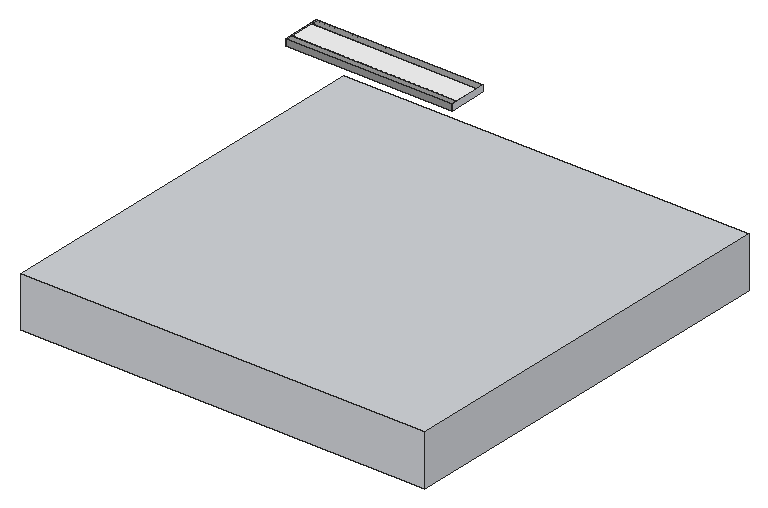
Revit family "en-halla-lumia-accessories-suspendedrfa", category Специальное оборудование, Revit 2017
Family settings
  Основа = Грань
  Размер круглого соединителя = Использовать диаметр
  Тип детали = Нормальный
  Номер OmniClass = 23.80.70.11.11
  Заголовок OmniClass = General Luminaries, Non Directional
  При загрузке вырезать с полостями = Нет
  Общий = Нет
  Точка расчета площади = Нет
Parameters (values of type "10-0011, E - body profile")
  X = no
  Výška zavěšení maximální = 2000 mm  # constant formula
  Výška zavěšení finální [instance] = if(Suspension height > Výška zavěšení maximální, Výška zavěšení maximální, Suspension height)  # 1000 mm
  QR code = "http://file-system.ru/catalog/zdaniya_i_sooruzheniya/interer/osveshchenie/halla_lumia_indirect_svetilnik/"
  Изготовитель = "HALLA"  # constant formula
  Default Elevation = 1000 mm  # constant formula
  URL = "http://www.halla.cz"
  Tubus = yes
  T = no
  Switched on [instance] = yes
  Switched off [instance] = not(Switched on)  # no
  Suspension height [instance] = 1000 mm
  Right [instance] = if(and(Tubus, [Accessory - right end cap]), 1 > 0, 1 < 0)  # yes
  Material of luminaire = "Aluminium"  # constant formula
  Lighting width = 230 mm  # constant formula
  Lighting length = 1000 mm  # constant formula
  Lighting height = 36 mm  # constant formula
  Colour of luminaire = Aluminium - anodised
  Accessory - right end cap [instance] = yes
  Accessory - left end cap [instance] = yes
  Product data url = ""
  Description = ""
  On [instance] = if(and(Tubus, Switched on), 1 > 0, 1 < 0)  # yes
  Off [instance] = if(and(Tubus, Switched off), 1 > 0, 1 < 0)  # no
  Model = ""
  Left [instance] = if(and(Tubus, [Accessory - left end cap]), 1 > 0, 1 < 0)  # yes
  L = no
  Код по классификатору = "D5020230"
Types (6, lengths in mm): name | X | Výška zavěšení finální | QR code | Tubus | T | Switched on | Switched off | Suspension height | Right | Accessory - right end cap | Accessory - left end cap | On | Left | L
  (no name) | no | 1000 | "http://file-system.ru/catalog/zdaniya_i_sooruzheniya/interer/osveshchenie/halla_lumia_indirect_svetilnik/" | yes | no | yes | no | 1000 | yes | yes | yes | yes | yes | no
  10-0001, E - profile for modules | no | 1000 | "" | yes | no | yes | no | 1000 | yes | yes | yes | yes | yes | no
  10-0011, E - body profile | no | 1000 | "http://file-system.ru/catalog/zdaniya_i_sooruzheniya/interer/osveshchenie/halla_lumia_indirect_svetilnik/" | yes | no | yes | no | 1000 | yes | yes | yes | yes | yes | no
  10-0003, E - joint L | no | 2000 | "" | no | no | no | yes | 2000 | no | no | no | no | no | yes
  10-0004, E - joint T | no | 1000 | "" | no | yes | no | yes | 1000 | no | no | no | no | no | no
  10-0005, E - joint X | yes | 1000 | "" | no | no | no | yes | 1000 | no | no | no | no | no | no
Reference planes
  plane 1 "Střed (vpředu/vzadu)": y = 0
  plane 2: z = 0
  plane 3 "Střed (vlevo/vpravo)": x = 0
  plane 4 "BP_Světlo horní": z = 1000
  plane 5 "BP_Zdroj světla": z = 1036
  plane 6: y = 115
  plane 7: y = -115
  plane 8: x = 500
  plane 9: x = -500
Forms (mm)
  Extrusion 1, solid
    sketch origin (0, 0, 0) x (1, 0, 0) y (0, 1, 0)
      loop
        line (-1219.2, 1219.2) -> (-1219.2, -1219.2) -> (1219.2, -1219.2) -> (1219.2, 1219.2) -> (-1219.2, 1219.2)
    from 0 to -304.8
  Extrusion 2, solid, material "Aluminium - anodised" <- "Colour of luminaire", visible <- "Tubus"
    sketch origin (0, 0, 0) x (0, 1, 0) y (0, 0, 1)
      loop
        line (115, 1036) -> (75, 1036) -> (75, 1034) -> (113, 1034) -> (113, 1002) -> (93, 1002) -> (93, 1000) -> (115, 1000) -> (115, 1036)
      loop
        line (-115, 1036) -> (-115, 1000) -> (-93, 1000) -> (-93, 1002) -> (-113, 1002) -> (-113, 1034) -> (-75, 1034) -> (-75, 1036) -> (-115, 1036)
    from -500 to 500
  Extrusion 3, solid, material "Diffuser - light switched off", visible <- "Off"
    sketch origin (500, 480.158, 1219.2) x (0, 1, 0) y (0, 0, 1)
      loop
        line (-405.158, -183.2) -> (-555.158, -183.2) -> (-555.158, -185.2) -> (-405.158, -185.2) -> (-405.158, -183.2)
    from -1000 to 0
  Extrusion 4, solid, material "Aluminium - anodised" <- "Colour of luminaire", visible <- "Tubus"
    sketch origin (-500, 480.158, 1219.2) x (0, 1, 0) y (0, 0, -1)
      loop
        line (-387.158, 217.2) -> (-387.158, 219.2) -> (-573.158, 219.2) -> (-573.158, 217.2) -> (-387.158, 217.2)
    from -1000 to 0
  Extrusion 5, solid, material "Diffuser - light switched on", visible <- "On"
    sketch origin (500, 480.158, 1219.2) x (0, 1, 0) y (0, 0, 1)
      loop
        line (-405.158, -183.2) -> (-555.158, -183.2) -> (-555.158, -185.2) -> (-405.158, -185.2) -> (-405.158, -183.2)
    from -1000 to 0
  Extrusion 6, solid, material "Aluminium - anodised" <- "Colour of luminaire", visible <- "T"
    sketch origin (0, 222.5, 1000) x (0, 1, 0) y (-1, 0, 0)
      loop
        line (-407.5, 390) -> (-407.5, 240) -> (-297.5, 240) -> (-297.5, 130) -> (-147.5, 130) -> (-147.5, 500) -> (-297.5, 500) -> (-297.5, 390) -> (-407.5, 390)
    from 36 <- "Lighting height" to 34
  Extrusion 7, solid, material "Aluminium - anodised" <- "Colour of luminaire", visible <- "T"
    sketch origin (-280, -35, 0) x (0, 1, 0) y (0, 0, 1)
      loop
        line (110, 1036) -> (110, 1034) -> (148, 1034) -> (148, 1002) -> (35, 1002) -> (35, 1000) -> (150, 1000) -> (150, 1036) -> (110, 1036)
    from -220 to 150
  Sweep 8, solid, material "Aluminium - anodised" <- "Colour of luminaire", visible <- "T"
    path origin (0, 222.5, 1000) x (0, 1, 0) y (-1, 0, 0)
      loop
        line (-407.5, 200) -> (-337.5, 200) -> (-337.5, 130)
    profile origin (-165, -115, 1000) x (0, 1, 0) y (0, 0, 1)
      loop
        line (40, 36) -> (0, 36) -> (0, 0) -> (115, 0) -> (115, 2) -> (2, 2) -> (2, 34) -> (40, 34) -> (40, 36)
  Sweep 9, solid, material "Aluminium - anodised" <- "Colour of luminaire", visible <- "T"
    path origin (0, 222.5, 1000) x (0, 1, 0) y (-1, 0, 0)
      loop
        line (-407.5, 430) -> (-337.5, 430) -> (-337.5, 500)
    profile origin (-465, -115, 1000) x (0, -1, 0) y (0, 0, 1)
      loop
        line (-40, 36) -> (-40, 34) -> (-2, 34) -> (-2, 2) -> (-115, 2) -> (-115, 0) -> (0, 0) -> (0, 36) -> (-40, 36)
  Sweep 10, solid, material "Aluminium - anodised" <- "Colour of luminaire", visible <- "L"
    path origin (0, 222.5, 1000) x (0, 1, 0) y (-1, 0, 0)
      loop
        line (-407.5, 200) -> (-107.5, 200) -> (-107.5, 500)
    profile origin (-200, -35, 1000) x (-1, 0, 0) y (0, 0, 1)
      loop
        line (0, 0) -> (230, 0) -> (230, 36) -> (190, 36) -> (190, 34) -> (228, 34) -> (228, 2) -> (2, 2) -> (2, 34) -> (40, 34) -> (40, 36) -> (0, 36) -> (0, 0)
  Sweep 11, solid, material "Aluminium - anodised" <- "Colour of luminaire", visible <- "L"
    path origin (0, 222.5, 1000) x (0, 1, 0) y (-1, 0, 0)
      loop
        line (-147.5, 500) -> (-147.5, 240) -> (-407.5, 240)
    profile origin (-370, 75, 1000) x (0, 1, 0) y (0, 0, 1)
      loop
        line (0, 36) -> (-150, 36) -> (-150, 34) -> (0, 34) -> (0, 36)
  Extrusion 12, solid, material "Aluminium - anodised" <- "Colour of luminaire", visible <- "X"
    sketch origin (591.497, 222.5, 1000) x (0, 1, 0) y (-1, 0, 0)
      loop
        line (-407.5, 981.497) -> (-407.5, 831.497) -> (-297.5, 831.497) -> (-297.5, 721.497) -> (-147.5, 721.497) -> (-147.5, 831.497) -> (-37.5, 831.497) -> (-37.5, 981.497) -> (-147.5, 981.497) -> (-147.5, 1091.497) -> (-297.5, 1091.497) -> (-297.5, 981.497) -> (-407.5, 981.497)
    from 36 <- "Lighting height" to 34
  Sweep 13, solid, material "Aluminium - anodised" <- "Colour of luminaire", visible <- "X"
    path origin (591.497, 222.5, 1000) x (0, 1, 0) y (-1, 0, 0)
      loop
        line (-407.5, 791.497) -> (-337.5, 791.497) -> (-337.5, 721.497)
    profile origin (-165, -115, 1000) x (0, 1, 0) y (0, 0, 1)
      loop
        line (40, 36) -> (0, 36) -> (0, 0) -> (115, 0) -> (115, 2) -> (2, 2) -> (2, 34) -> (40, 34) -> (40, 36)
  Sweep 14, solid, material "Aluminium - anodised" <- "Colour of luminaire", visible <- "X"
    path origin (591.497, 222.5, 1000) x (0, 1, 0) y (-1, 0, 0)
      loop
        line (-407.5, 1021.497) -> (-337.5, 1021.497) -> (-337.5, 1091.497)
    profile origin (-465, -115, 1000) x (0, -1, 0) y (0, 0, 1)
      loop
        line (-40, 36) -> (-40, 34) -> (-2, 34) -> (-2, 2) -> (-115, 2) -> (-115, 0) -> (0, 0) -> (0, 36) -> (-40, 36)
  Sweep 15, solid, material "Aluminium - anodised" <- "Colour of luminaire", visible <- "X"
    path origin (591.497, 222.5, 1000) x (0, 1, 0) y (-1, 0, 0)
      loop
        line (-37.5, 791.497) -> (-107.5, 791.497) -> (-107.5, 721.497)
    profile origin (-165, 115, 1000) x (0, 1, 0) y (0, 0, 1)
      loop
        line (-40, 36) -> (-40, 34) -> (-2, 34) -> (-2, 2) -> (-115, 2) -> (-115, 0) -> (0, 0) -> (0, 36) -> (-40, 36)
  Sweep 16, solid, material "Aluminium - anodised" <- "Colour of luminaire", visible <- "X"
    path origin (591.497, 222.5, 1000) x (0, 1, 0) y (-1, 0, 0)
      loop
        line (-37.5, 1021.497) -> (-107.5, 1021.497) -> (-107.5, 1091.497)
    profile origin (-465, 115, 1000) x (0, -1, 0) y (0, 0, 1)
      loop
        line (40, 36) -> (0, 36) -> (0, 0) -> (115, 0) -> (115, 2) -> (2, 2) -> (2, 34) -> (40, 34) -> (40, 36)
Dimensions and locks
  equal spacing: plane 7, plane 1 "Střed (vpředu/vzadu)", plane 6
  "Lighting width": plane 6 to plane 7
  "Výška zavěšení finální": plane 4 "BP_Světlo horní" to plane 2
  "Lighting height": plane 5 "BP_Zdroj světla" to plane 4 "BP_Světlo horní"
  equal spacing: plane 9, plane 3 "Střed (vlevo/vpravo)", plane 8
  "Lighting length": plane 9 to plane 8
  aligned and locked: plane 2 to Extrusion 1
  aligned and locked: level to Extrusion 1
  aligned and locked: Extrusion 2 sketch curve to plane 6
  aligned and locked: Extrusion 2 sketch curve to plane 5 "BP_Zdroj světla"
  aligned and locked: plane 7 to Extrusion 2 sketch curve
  aligned and locked: plane 8 to Extrusion 2
  aligned and locked: plane 9 to Extrusion 2
  aligned and locked: Extrusion 2 to plane 9
  aligned and locked: Extrusion 2 to plane 8
  aligned and locked: Extrusion 3 sketch curve to Extrusion 2  (x2)
  aligned and locked: plane 8 to Extrusion 3
  aligned and locked: Extrusion 4 sketch curve to Extrusion 2
  aligned and locked: plane 8 to Extrusion 4
  aligned and locked: plane 9 to Extrusion 4
  aligned and locked: plane 9 to Extrusion 3
  aligned and locked: plane 9 to Extrusion 5
Automatic sketch dimensions
  Extrusion 1 sketch curve to Extrusion 1 sketch curve = 2438.4 mm  (x2)
  Extrusion 2 sketch curve to plane 4 "BP_Světlo horní" = 0 mm  (x2)
  Extrusion 2 sketch curve to plane 5 "BP_Zdroj světla" = 0 mm
  plane 7 to Extrusion 2 sketch curve = 2 mm
  Extrusion 2 sketch curve to Extrusion 2 sketch curve = 20 mm
  Extrusion 2 sketch curve to plane 5 "BP_Zdroj světla" = 2 mm  (x2)
  Extrusion 2 sketch curve to Extrusion 2 sketch curve = 18 mm
  Extrusion 2 sketch curve to plane 6 = 40 mm
  plane 4 "BP_Světlo horní" to Extrusion 2 sketch curve = 2 mm
  Extrusion 2 sketch curve to plane 6 = 22 mm
  Extrusion 2 sketch curve to plane 6 = 2 mm
  Extrusion 2 sketch curve to Extrusion 2 sketch curve = 2 mm
  Extrusion 3 sketch curve to plane 5 "BP_Zdroj světla" = 0 mm
  Extrusion 3 sketch curve to Extrusion 3 sketch curve = 2 mm
  Extrusion 4 sketch curve to plane 4 "BP_Světlo horní" = 2 mm
  Extrusion 4 sketch curve to plane 7 = 22 mm
  plane 6 to Extrusion 4 sketch curve = 22 mm
  Extrusion 5 sketch curve to plane 5 "BP_Zdroj světla" = 0 mm
  plane 7 to Extrusion 5 sketch curve = 40 mm
  Extrusion 5 sketch curve to plane 5 "BP_Zdroj světla" = 2 mm
  Extrusion 5 sketch curve to plane 6 = 40 mm
  Extrusion 6 sketch curve to plane 9 = 0 mm
  Extrusion 6 sketch curve to plane 7 = 70 mm
  plane 7 to Extrusion 6 sketch curve = 40 mm  (x2)
  Extrusion 6 sketch curve to plane 6 = 40 mm
  Extrusion 6 sketch curve to Extrusion 6 sketch curve = 110 mm  (x2)
  Extrusion 6 sketch curve to Extrusion 6 sketch curve = 150 mm
  Extrusion 7 sketch curve to plane 1 "Střed (vpředu/vzadu)" = 0 mm
  Extrusion 7 sketch curve to plane 5 "BP_Zdroj světla" = 0 mm
  Extrusion 7 sketch curve to plane 6 = 0 mm
  Extrusion 7 sketch curve to plane 4 "BP_Světlo horní" = 0 mm
  Extrusion 7 sketch curve to Extrusion 7 sketch curve = 40 mm
  Extrusion 7 sketch curve to plane 6 = 2 mm
  plane 4 "BP_Světlo horní" to Extrusion 7 sketch curve = 2 mm
  Extrusion 7 sketch curve to plane 5 "BP_Zdroj světla" = 2 mm
  Sweep 8 sketch curve to plane 7 = 0 mm
  Sweep 8 sketch curve to plane 3 "Střed (vlevo/vpravo)" = 200 mm
  Sweep 8 sketch curve to plane 7 = 70 mm
  Sweep 8 sketch curve to Sweep 8 sketch curve = 70 mm
  Sweep 8 sketch curve to plane 4 "BP_Světlo horní" = 0 mm
  Sweep 8 sketch curve to profile plane = 0 mm
  Sweep 8 sketch curve to profile plane = 2 mm
  Sweep 8 sketch curve to Sweep 8 sketch curve = 38 mm
  Sweep 8 sketch curve to Sweep 8 sketch curve = 75 mm
  Sweep 8 sketch curve to Sweep 8 sketch curve = 2 mm  (x2)
  Sweep 8 sketch curve to Sweep 8 sketch curve = 32 mm
  Sweep 9 sketch curve to plane 7 = 0 mm
  Sweep 9 sketch curve to plane 9 = 0 mm
  Sweep 9 sketch curve to Sweep 9 sketch curve = 70 mm
  Sweep 9 sketch curve to plane 7 = 70 mm
  Sweep 9 sketch curve to plane 4 "BP_Světlo horní" = 0 mm
  Sweep 9 sketch curve to profile plane = 0 mm
  profile plane to Sweep 9 sketch curve = 2 mm
  Sweep 9 sketch curve to Sweep 9 sketch curve = 38 mm
  plane 4 "BP_Světlo horní" to Sweep 9 sketch curve = 2 mm
  Sweep 9 sketch curve to Sweep 9 sketch curve = 75 mm
  Sweep 9 sketch curve to Sweep 9 sketch curve = 32 mm
  Sweep 9 sketch curve to Sweep 9 sketch curve = 2 mm
  Sweep 10 sketch curve to plane 6 = 0 mm
  Sweep 10 sketch curve to plane 9 = 0 mm
  Sweep 10 sketch curve to plane 3 "Střed (vlevo/vpravo)" = 200 mm
  Sweep 10 sketch curve to plane 7 = 70 mm
  Sweep 10 sketch curve to profile plane = 0 mm
  Sweep 10 sketch curve to plane 4 "BP_Světlo horní" = 0 mm
  Sweep 10 sketch curve to profile plane = 2 mm
  Sweep 10 sketch curve to Sweep 10 sketch curve = 38 mm  (x2)
  plane 4 "BP_Světlo horní" to Sweep 10 sketch curve = 34 mm
  Sweep 10 sketch curve to Sweep 10 sketch curve = 150 mm
  plane 4 "BP_Světlo horní" to Sweep 10 sketch curve = 2 mm
  Sweep 10 sketch curve to Sweep 10 sketch curve = 2 mm  (x3)
  Sweep 10 sketch curve to Sweep 10 sketch curve = 32 mm
  Sweep 11 sketch curve to plane 9 = 0 mm
  Sweep 11 sketch curve to plane 6 = 40 mm
  Sweep 11 sketch curve to plane 3 "Střed (vlevo/vpravo)" = 240 mm
  Sweep 11 sketch curve to plane 7 = 70 mm
  Sweep 11 sketch curve to profile plane = 0 mm
  plane 4 "BP_Světlo horní" to Sweep 11 sketch curve = 34 mm
  profile plane to Sweep 11 sketch curve = 150 mm
  Sweep 11 sketch curve to Sweep 11 sketch curve = 2 mm
  Sweep 13 sketch curve to profile plane = 0 mm  (x2)
  Sweep 13 sketch curve to profile plane = 2 mm
  Sweep 13 sketch curve to Sweep 13 sketch curve = 38 mm
  Sweep 13 sketch curve to Sweep 13 sketch curve = 75 mm
  Sweep 13 sketch curve to Sweep 13 sketch curve = 2 mm  (x2)
  Sweep 13 sketch curve to Sweep 13 sketch curve = 32 mm
  Sweep 14 sketch curve to profile plane = 0 mm  (x2)
  profile plane to Sweep 14 sketch curve = 2 mm  (x2)
  Sweep 14 sketch curve to Sweep 14 sketch curve = 38 mm
  Sweep 14 sketch curve to Sweep 14 sketch curve = 75 mm
  Sweep 14 sketch curve to Sweep 14 sketch curve = 32 mm
  Sweep 14 sketch curve to Sweep 14 sketch curve = 2 mm
  Sweep 15 sketch curve to profile plane = 0 mm  (x2)
  profile plane to Sweep 15 sketch curve = 2 mm  (x2)
  Sweep 15 sketch curve to Sweep 15 sketch curve = 38 mm
  Sweep 15 sketch curve to Sweep 15 sketch curve = 75 mm
  Sweep 15 sketch curve to Sweep 15 sketch curve = 32 mm
  Sweep 15 sketch curve to Sweep 15 sketch curve = 2 mm
  Sweep 16 sketch curve to profile plane = 0 mm  (x2)
  Sweep 16 sketch curve to profile plane = 2 mm
  Sweep 16 sketch curve to Sweep 16 sketch curve = 38 mm
  Sweep 16 sketch curve to Sweep 16 sketch curve = 75 mm
  Sweep 16 sketch curve to Sweep 16 sketch curve = 2 mm  (x2)
  Sweep 16 sketch curve to Sweep 16 sketch curve = 32 mm
  Extrusion 12 sketch curve to plane 7 = 70 mm
  plane 7 to Extrusion 12 sketch curve = 40 mm  (x2)
  Extrusion 12 sketch curve to plane 6 = 40 mm  (x2)
  plane 6 to Extrusion 12 sketch curve = 70 mm
  Extrusion 12 sketch curve to plane 9 = 370 mm
  Extrusion 12 sketch curve to Extrusion 12 sketch curve = 110 mm  (x3)
  Extrusion 12 sketch curve to Extrusion 12 sketch curve = 150 mm  (x2)
  Sweep 13 sketch curve to plane 7 = 0 mm
  Sweep 13 sketch curve to plane 9 = 300 mm
  Sweep 13 sketch curve to plane 7 = 70 mm
  Sweep 13 sketch curve to Sweep 13 sketch curve = 70 mm
  Sweep 14 sketch curve to plane 7 = 0 mm
  Sweep 14 sketch curve to plane 9 = 70 mm
  Sweep 14 sketch curve to plane 7 = 70 mm
  Sweep 14 sketch curve to Sweep 14 sketch curve = 70 mm
  Sweep 15 sketch curve to plane 6 = 0 mm
  Sweep 15 sketch curve to plane 9 = 300 mm
  Sweep 15 sketch curve to Sweep 15 sketch curve = 70 mm  (x2)
  Sweep 16 sketch curve to plane 6 = 0 mm
  Sweep 16 sketch curve to plane 9 = 70 mm
  Sweep 16 sketch curve to Sweep 16 sketch curve = 70 mm  (x2)
Nested families
  nested 1: "LUMIA příslušenství - koncovka profilu" at (500, 0, 0), visible <- "Right", Výška zavěšení <- "Výška zavěšení finální", type "10-0007, E"
    with Výška zavěšení 1000 mm
  nested 2: "LUMIA příslušenství - koncovka profilu" at (-502, 0, 0), visible <- "Left", Výška zavěšení <- "Výška zavěšení finální", type "10-0007, E"
    with Výška zavěšení 1000 mm
Definition of nested family "LUMIA příslušenství - koncovka profilu"
  Parameters
    Šířka = 230 mm
    Výška zavěšení [instance] = 36 mm
    Manufacturer = "HALLA"  # constant formula
    Default Elevation = 0 mm
    URL = "http://www.halla.cz"
    Description = ""
    Model = ""
    Assembly Code = "D5020200"
    Keynote = ""
    Barva svítidla = none
  Reference planes
    plane 1 "Střed (vpředu/vzadu)": y = 0
    plane 2: z = 0
    plane 3 "Střed (vlevo/vpravo)": x = 0
    plane 4: z = 36
    plane 5: x = 2
    plane 6: y = 115
    plane 7: y = -115
  Forms (mm)
    Revolve 1, solid, not visible
      sketch origin (0, 0, 0) x (0, 1, 0) y (0, 0, 1)
        loop
          line (-600, 19.35) -> (-600, 0) -> (-592.108, 0) -> (-592.108, 1.35) -> (-594.015, 1.35) -> (-594.015, 19.35) -> (-600, 19.35)
        axis (-600, 0) -> (-600, 19.35)
      angle from 0 to 360
    Revolve 2, solid, not visible
      sketch origin (0, 0, 0) x (0, 1, 0) y (0, 0, 1)
        loop
          line (-600, 600) -> (-600, 568.8) -> (-598, 568.8) -> (-598, 575.5) -> (-595.494, 575.5) -> (-595.494, 600) -> (-600, 600)
        axis (-600, 568.8) -> (-600, 600)
      angle from 0 to 360
    Extrusion 3, solid, not visible
      sketch origin (0, 0, 0) x (1, 0, 0) y (0, 1, 0)
        loop
          circle (0, -600) r 1.018
      from 0 to 600
    Extrusion 4, solid
      sketch origin (-997.757, -1524, 36) x (-1, 0, 0) y (0, -1, 0)
        loop
          line (-997.757, -1639) -> (-997.757, -1409) -> (-999.757, -1409) -> (-999.757, -1639) -> (-997.757, -1639)
      from 36 to 0
  Dimensions and locks
    "Výška zavěšení": plane 4 to level
    equal spacing: plane 6, plane 1 "Střed (vpředu/vzadu)", plane 7
    "Šířka": plane 6 to plane 7
    locked: Extrusion 4 to plane 4 at 36
    aligned and locked: level to plane 2
    aligned and locked: Extrusion 4 sketch curve to plane 6
    aligned and locked: plane 3 "Střed (vlevo/vpravo)" to Extrusion 4 sketch curve
    aligned and locked: Extrusion 4 sketch curve to plane 5
    aligned and locked: plane 4 to Extrusion 4
  Automatic sketch dimensions
    Extrusion 4 sketch curve to plane 7 = 0 mm
